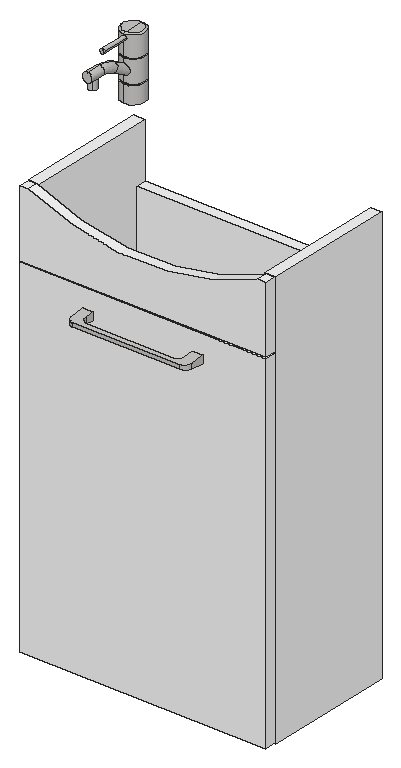
Revit family "42330 - Ifö Spira furniture pack 400 L", category Generic Models, Revit 2015
Parameters (values of type "42330 - Ifö Spira furniture pack 400 L")
  ifcExportType = "WASHHANDBASIN"
  ifcExportAs = "ifcSanitaryTerminalType"
  Width = 415.00 mm  # constant formula
  WarrantyStartDate = "n/a"
  WarrantyGuarantorParts = "n/a"
  WarrantyGuarantorLabor = "n/a"
  WarrantyDurationUnit = "n/a"
  WarrantyDurationParts = "n/a"
  WarrantyDurationLabor = "n/a"
  WarrantyDescription = "n/a"
  URL.se = "http://www.ifo.se/produkter/mobler/"
  URL.no = "http://www.ifosanitar.no/produkter/baderomsmbler/"
  URL.dk = "http://www.ifo.dk/produkter/badevrelsesmbler/"
  URL = "n/a"
  Type Comments = "n/a"
  Type = "Building element"
  TagNumber = "n/a"
  SustainabilityPerformance = "n/a"
  SupplyPipeDiameter = 10.00 mm
  Size = "415x700x310"
  Shape = "Square"
  Serie = "Spira"
  SerialNumber = "n/a"
  ReturnPipeDiameter = 32.00 mm
  ReplacementCost = "n/a"
  Panel = White
  NominalWidth = 415.00 mm
  NominalHeight = 700.00 mm
  NominalDepth = 310.00 mm
  Name = "Ifö Spira furniture pack L 40 cm"
  MountingHeight(offset) = 850.00 mm
  ModelReference = "Spira"
  ModelNumber = "42330"
  Model = "Ifö Spira furniture pack 400 L"
  Mixernotincluded(option) = yes
  Material = "MDF Chipboard, Porcelain"
  Manufacturer = "Geberit"
  Keynote = "n/a"
  InstallationDate = "n/a"
  Height = 700.00 mm  # constant formula
  Handle = Metal-Steel
  Grade = "n/a"
  Fittings = Metal-Steel
  Finish = "n/a"
  Features = "feature1, feature2, feature49"
  ExpectedLife = "n/a"
  DurationUnit = "n/a"
  DrainSize = 0.00 mm
  Description = "Ifö Spira furniture pack L 40 cm"
  Depth = 310.00 mm  # constant formula
  Constituents = "n/a"
  ConnectorIn_VDistance = 0.00 mm
  ConnectorIn_HDistance = 120.00 mm
  Color = "White"
  CodePerformance = "n/a"
  Category = "WashHandBasin"
  CabinetMaterial = "MDF Chipboard"
  CE labeling = "n/a"
  Brand = "Ifö"
  BarCode = "n/a"
  BIMObjectName = "42330 - Ifö Spira furniture pack 400 L"
  AssetType = "n/a"
  AssetIdentifier = "n/a"
  AccessibilityPerformance = "n/a"
Reference planes
  plane 1 "Center (Front/Back)": y = 0
  plane 2: z = 0
  plane 3 "Center (Left/Right)": x = 0
  plane 4: z = 850
  plane 5: z = 684.722
  plane 6 "Drain": z = 721.04
  plane 7: x = -120
  plane 8: x = 120
  plane 9: y = -148.025
  plane 10: z = 721.04
Forms (mm)
  Extrusion 1, solid, material "White" <- "Panel"
    sketch origin (0, 0, 159.722) x (1, 0, 0) y (0, 1, 0)
      loop
        line (-185, 0) -> (-185, -198) -> (-169, -198) -> (-169, 0) -> (-185, 0)
    from 0 to 625
  Extrusion 2, solid, material "White" <- "Panel"
    sketch origin (0, 0, 159.722) x (1, 0, 0) y (0, 1, 0)
      loop
        line (169, 0) -> (169, -198) -> (185, -198) -> (185, 0) -> (169, 0)
    from 0 to 625
  Extrusion 3, solid, material "White" <- "Panel"
    sketch origin (0, 0, 159.722) x (1, 0, 0) y (0, 1, 0)
      loop
        line (-169, -1) -> (-169, -17) -> (169, -17) -> (169, -1) -> (-169, -1)
    from 443 to 543
  Extrusion 4, solid, material "White" <- "Panel"
    sketch origin (0, 0, 159.722) x (1, 0, 0) y (0, 1, 0)
      loop
        line (-184, -199) -> (-184, -215) -> (184, -215) -> (184, -199) -> (-184, -199)
    from 1 to 523
  Extrusion 5, solid, material "White" <- "Panel"
    sketch origin (0, 0, 159.722) x (1, 0, 0) y (0, 1, 0)
      loop
        line (-169, -1) -> (-169, -197) -> (169, -197) -> (169, -1) -> (-169, -1)
    from 1 to 17
  Sweep 6, solid, material "Metal-Steel" <- "Handle"
    path origin (0, -215, 159.722) x (-1, 0, 0) y (0, 0, 1)
      loop
        line (0, 495) -> (0, 483)
    profile origin (0, -215, 648.722) x (0, 1, 0) y (-1, 0, 0)
      loop
        line (0, 89.5) -> (-21, 89.5)
        arc (-21, 89.5) -> (-28.071, 86.571) -> (-31, 79.5) r 10
        line (-31, 79.5) -> (-31, -79.5)
        arc (-31, -79.5) -> (-28.071, -86.571) -> (-21, -89.5) r 10
        line (-21, -89.5) -> (0, -89.5) -> (0, -74.5) -> (-14, -74.5)
        arc (-14, -74.5) -> (-21.071, -71.571) -> (-24, -64.5) r 10
        line (-24, -64.5) -> (-24, 64.5)
        arc (-24, 64.5) -> (-21.071, 71.571) -> (-14, 74.5) r 10
        line (-14, 74.5) -> (0, 74.5) -> (0, 89.5)
  Extrusion 7, void
    sketch origin (0, 0, 159.722) x (0, 1, 0) y (0, 0, 1)
      loop
        line (-215, 497.98) -> (-246.432, 497.98) -> (-246.432, 491.471) -> (-215, 495) -> (-215, 497.98)
      loop
        line (-215, 480.02) -> (-215, 483) -> (-246.432, 486.549) -> (-246.432, 480.02) -> (-215, 480.02)
    from -185 to 185
  Revolve 8, solid, material "Metal-Steel" <- "Fittings"
    sketch origin (-139.997, 6.957, 658.086) x (0, 1, 0) y (0, 0, 1)
      loop
        line (-81.936, 191.684) -> (-64.936, 191.684) -> (-64.936, 286.704) -> (-79.789, 286.704) -> (-81.936, 284.557) -> (-81.936, 254.557) -> (-79.936, 254.557) -> (-79.936, 252.057) -> (-81.936, 252.057) -> (-81.936, 219.557) -> (-79.936, 219.557) -> (-79.936, 217.057) -> (-81.936, 217.057) -> (-81.936, 191.684)
      axis (-64.936, 286.704) -> (-64.936, 191.684)
    angle from 0 to 360
  Sweep 9, solid, material "Metal-Steel" <- "Fittings"
    path origin (45.003, 4.457, 648.086) x (0, 1, 0) y (0, 0, 1)
      loop
        line (-147.967, 265.803) -> (-125.897, 265.803)
        arc (-125.897, 265.803) -> (-113.378, 264.21) -> (-101.657, 259.534) r 50
        line (-101.657, 259.534) -> (-72.443, 243.34)
    profile origin (45.003, -132.475, 913.889) x (0, 0, 1) y (1, 0, 0)
      loop
        circle (0, -185) r 7
  Extrusion 10, solid, material "Metal-Steel" <- "Fittings"
    sketch origin (-139.997, 6.957, 658.086) x (1, 0, 0) y (0, 0, 1)
      loop
        circle (0, 279.191) r 3
    from 74.245 to 123.053
  Extrusion 11, solid, material "Metal-Steel" <- "Fittings"
    sketch origin (34.138, -139.623, 384.77) x (0.601815, -0.798636, 0) y (0.798636, 0.601815, 0)
      loop
        circle (-109.679, -135.391) r 6.014
    from 527.873 to 511.219
  Extrusion 12, solid, material "White" <- "Panel"
    sketch origin (0, -215, 159.722) x (-1, 0, 0) y (0, 0, 1)
      loop
        line (-184, 525) -> (184, 525) -> (184, 625) -> (171.95, 625)
        arc (171.95, 625) -> (0, 586.37) -> (-171.95, 625) r 402.007
        line (-171.95, 625) -> (-184, 625) -> (-184, 525)
    from 0 to 16
  Revolve 13, solid, material "Metal-Steel" <- "Fittings", not visible
    sketch origin (-139.997, 6.957, 498.384) x (0, 1, 0) y (0, 0, 1)
      loop
        line (-81.936, 191.684) -> (-64.936, 191.684) -> (-64.936, 286.704) -> (-79.789, 286.704) -> (-81.936, 284.557) -> (-81.936, 254.557) -> (-79.936, 254.557) -> (-79.936, 252.057) -> (-81.936, 252.057) -> (-81.936, 219.557) -> (-79.936, 219.557) -> (-79.936, 217.057) -> (-81.936, 217.057) -> (-81.936, 191.684)
      axis (-64.936, 286.704) -> (-64.936, 191.684)
    angle from 0 to 360
  Sweep 14, solid, material "Metal-Steel" <- "Fittings", not visible
    path origin (45.003, 4.457, 488.384) x (0, 1, 0) y (0, 0, 1)
      loop
        line (-147.967, 265.803) -> (-125.897, 265.803)
        arc (-125.897, 265.803) -> (-113.378, 264.21) -> (-101.657, 259.534) r 50
        line (-101.657, 259.534) -> (-72.443, 243.34)
    profile origin (45.003, -132.475, 754.187) x (0, 0, 1) y (1, 0, 0)
      loop
        circle (0, -185) r 7
  Extrusion 15, solid, material "Metal-Steel" <- "Fittings", not visible
    sketch origin (-139.997, 6.957, 498.384) x (1, 0, 0) y (0, 0, 1)
      loop
        circle (0, 279.191) r 3
    from 74.245 to 123.053
  Extrusion 16, solid, material "Metal-Steel" <- "Fittings", not visible
    sketch origin (34.138, -139.623, 225.068) x (0.601815, -0.798636, 0) y (0.798636, 0.601815, 0)
      loop
        circle (-109.679, -135.391) r 6.014
    from 527.873 to 511.219
  Extrusion 17, solid, material "White" <- "Panel", not visible
    sketch origin (0, 0, 0) x (1, 0, 0) y (0, 1, 0)
      loop
        line (-185, 0) -> (-185, -198) -> (-169, -198) -> (-169, 0) -> (-185, 0)
    from 0 to 625
  Extrusion 18, solid, material "White" <- "Panel", not visible
    sketch origin (0, 0, 0) x (1, 0, 0) y (0, 1, 0)
      loop
        line (169, 0) -> (169, -198) -> (185, -198) -> (185, 0) -> (169, 0)
    from 0 to 625
  Extrusion 19, solid, material "White" <- "Panel", not visible
    sketch origin (0, 0, 0) x (1, 0, 0) y (0, 1, 0)
      loop
        line (-169, -1) -> (-169, -17) -> (169, -17) -> (169, -1) -> (-169, -1)
    from 443 to 543
  Extrusion 20, solid, material "White" <- "Panel", not visible
    sketch origin (0, 0, 0) x (1, 0, 0) y (0, 1, 0)
      loop
        line (-184, -199) -> (-184, -215) -> (184, -215) -> (184, -199) -> (-184, -199)
    from 1 to 523
  Extrusion 21, solid, material "White" <- "Panel", not visible
    sketch origin (0, 0, 0) x (1, 0, 0) y (0, 1, 0)
      loop
        line (-169, -1) -> (-169, -197) -> (169, -197) -> (169, -1) -> (-169, -1)
    from 1 to 17
  Sweep 22, solid, material "Metal-Steel" <- "Handle", not visible
    path origin (0, -215, 0) x (-1, 0, 0) y (0, 0, 1)
      loop
        line (0, 495) -> (0, 483)
    profile origin (0, -215, 489) x (0, 1, 0) y (-1, 0, 0)
      loop
        line (0, 89.5) -> (-21, 89.5)
        arc (-21, 89.5) -> (-28.071, 86.571) -> (-31, 79.5) r 10
        line (-31, 79.5) -> (-31, -79.5)
        arc (-31, -79.5) -> (-28.071, -86.571) -> (-21, -89.5) r 10
        line (-21, -89.5) -> (0, -89.5) -> (0, -74.5) -> (-14, -74.5)
        arc (-14, -74.5) -> (-21.071, -71.571) -> (-24, -64.5) r 10
        line (-24, -64.5) -> (-24, 64.5)
        arc (-24, 64.5) -> (-21.071, 71.571) -> (-14, 74.5) r 10
        line (-14, 74.5) -> (0, 74.5) -> (0, 89.5)
  Extrusion 23, void, not visible
    sketch origin (0, 0, 0) x (0, 1, 0) y (0, 0, 1)
      loop
        line (-215, 497.98) -> (-246.432, 497.98) -> (-246.432, 491.471) -> (-215, 495) -> (-215, 497.98)
      loop
        line (-215, 480.02) -> (-215, 483) -> (-246.432, 486.549) -> (-246.432, 480.02) -> (-215, 480.02)
    from -185 to 185
  Extrusion 24, solid, material "White" <- "Panel", not visible
    sketch origin (0, -215, 0) x (-1, 0, 0) y (0, 0, 1)
      loop
        line (-184, 525) -> (184, 525) -> (184, 625) -> (171.95, 625)
        arc (171.95, 625) -> (0, 586.37) -> (-171.95, 625) r 402.007
        line (-171.95, 625) -> (-184, 625) -> (-184, 525)
    from 0 to 16
Cuts and joins
  Extrusion 7 cuts Sweep 6
  joined: Revolve 8, Sweep 9, Extrusion 10, Extrusion 11
Lines and regions (mm)
  Masking region 1
    outline origin (0, -153.934, 187.048) x (0, 1, 0) y (0, 0, 1)
      loop
        line (110.808, 757.743) -> (81.102, 757.743) -> (78.955, 755.596) -> (78.955, 753.229) -> (37.838, 753.229) -> (37.838, 747.229) -> (78.955, 747.229) -> (78.955, 725.596) -> (80.955, 725.596) -> (80.955, 723.096) -> (78.955, 723.096) -> (78.955, 716.259) -> (60.288, 726.606)
        arc (60.288, 726.606) -> (46.759, 732.003) -> (32.31, 733.842) r 57.711
        line (32.31, 733.842) -> (10.424, 733.842) -> (10.424, 719.842) -> (14.41, 719.842) -> (14.41, 708.941) -> (26.439, 708.941) -> (26.439, 719.842) -> (32.31, 719.842)
        arc (32.31, 719.842) -> (43.254, 718.449) -> (53.501, 714.361) r 43.711
        line (53.501, 714.361) -> (78.955, 700.252) -> (78.955, 690.596) -> (80.955, 690.596) -> (80.955, 688.096) -> (78.955, 688.096) -> (78.955, 662.846) -> (112.955, 662.846) -> (112.955, 688.096) -> (110.955, 688.096) -> (110.955, 690.596) -> (112.955, 690.596) -> (112.955, 723.096) -> (110.955, 723.096) -> (110.955, 725.596) -> (112.955, 725.596) -> (112.955, 755.596) -> (110.808, 757.743)
  Masking region 2
    outline origin (0, 0, 159.722) x (0, 1, 0) y (0, 0, 1)
      loop
        line (-215, 483) -> (-215, 495) -> (-246.003, 491.5) -> (-246.003, 486.5) -> (-215, 483)
  Masking region 3
    outline origin (0, 0, 159.722) x (0, 1, 0) y (0, 0, 1)
      loop
        line (-215, 523) -> (-215, 1) -> (-199, 1) -> (-199, 523) -> (-215, 523)
  Masking region 4
    outline origin (0, 0, 159.722) x (0, 1, 0) y (0, 0, 1)
      loop
        line (-215, 525) -> (-199, 525) -> (-199, 620.693) -> (-203.875, 620.693)
        arc (-203.875, 620.693) -> (-209.439, 620.643) -> (-215, 620.493) r 309.497
        line (-215, 620.493) -> (-215, 525)
  Masking region 5
    outline origin (0, 0, 159.702) x (0, 1, 0) y (0, 0, 1)
      loop
        line (0, 0) -> (0, 620.713) -> (-198, 620.713) -> (-198, 0) -> (0, 0)
  Masking region 6
    outline origin (0, 0, 159.722) x (-1, 0, 0) y (0, 0, 1)
      loop
        line (-184, 523) -> (-184, 1) -> (184, 1) -> (184, 523) -> (-184, 523)
  Masking region 7
    outline origin (-224.008, -215, 159.81) x (1, 0, 0) y (0, 0, 1)
      loop
        line (67.011, 715.353) -> (67.011, 692.297)
        arc (67.011, 692.297) -> (84.01, 691.5) -> (101.011, 692.244) r 188.092
        line (101.011, 692.244) -> (101.011, 715.353) -> (99.011, 715.353) -> (99.011, 717.853) -> (101.011, 717.853) -> (101.011, 750.353) -> (99.011, 750.353) -> (99.011, 752.853) -> (101.011, 752.853) -> (101.011, 782.853) -> (98.865, 785) -> (69.158, 785) -> (67.011, 782.853) -> (67.011, 752.853) -> (69.011, 752.853) -> (69.011, 750.353) -> (67.011, 750.353) -> (67.011, 717.853) -> (69.011, 717.853) -> (69.011, 715.353) -> (67.011, 715.353)
  Masking region 8
    outline origin (0, 0, 0) x (1, 0, 0) y (0, 1, 0)
      loop
        arc (-181.336, 0) -> (-186.546, -0.136) -> (-191.742, -0.545) r 99.556
        line (-191.742, -0.545) -> (-195.678, -1.31)
        arc (-195.678, -1.31) -> (-198.903, -2.391) -> (-201.736, -4.272) r 12.981
        arc (-201.736, -4.272) -> (-203.234, -5.839) -> (-204.427, -7.65) r 12.025
        arc (-204.427, -7.65) -> (-205.455, -10.002) -> (-206.093, -12.489) r 16.004
        arc (-206.093, -12.489) -> (-206.656, -16.121) -> (-207.093, -19.771) r 106.18
        arc (-207.093, -19.771) -> (-207.347, -22.952) -> (-207.459, -26.141) r 72.063
        arc (-207.459, -26.141) -> (-207.525, -28.908) -> (-207.579, -31.675) r 631.503
        arc (-207.579, -31.675) -> (-207.73, -37.245) -> (-207.737, -42.818) r 215.884
        arc (-207.737, -42.818) -> (-207.729, -47.003) -> (-207.598, -51.187) r 142.671
        arc (-207.598, -51.187) -> (-207.392, -56.756) -> (-207.285, -62.328) r 313.118
        arc (-207.285, -62.328) -> (-205.184, -165.449) -> (-200.97, -268.505) r 5117.151
        arc (-200.97, -268.505) -> (-199.992, -275.439) -> (-197.919, -282.128) r 43.678
        arc (-197.919, -282.128) -> (-196.227, -285.646) -> (-194.076, -288.906) r 28.953
        arc (-194.076, -288.906) -> (-188.897, -294.157) -> (-182.559, -297.929) r 28.953
        arc (-182.559, -297.929) -> (-169.187, -302.678) -> (-155.294, -305.571) r 104.514
        arc (-155.294, -305.571) -> (-139.143, -307.749) -> (-122.977, -309.816) r 2396.538
        arc (-122.977, -309.816) -> (-109.368, -311.39) -> (-95.733, -312.726) r 787.44
        arc (-95.733, -312.726) -> (-81.421, -313.989) -> (-67.107, -315.223) r 7122.39
        arc (-67.107, -315.223) -> (-49.591, -316.161) -> (-32.06, -316.761) r 907.098
        arc (-32.06, -316.761) -> (-23.846, -316.938) -> (-15.631, -317.064) r 1348.034
        arc (-15.631, -317.064) -> (0, -317.195) -> (15.631, -317.064) r 932.702
        arc (15.631, -317.064) -> (23.846, -316.938) -> (32.06, -316.761) r 1348.034
        arc (32.06, -316.761) -> (49.591, -316.161) -> (67.107, -315.223) r 907.098
        arc (67.107, -315.223) -> (81.421, -313.989) -> (95.733, -312.726) r 7122.39
        arc (95.733, -312.726) -> (109.368, -311.39) -> (122.977, -309.816) r 787.44
        arc (122.977, -309.816) -> (139.143, -307.749) -> (155.294, -305.571) r 2396.538
        arc (155.294, -305.571) -> (169.187, -302.678) -> (182.559, -297.929) r 104.514
        arc (182.559, -297.929) -> (188.897, -294.157) -> (194.076, -288.906) r 28.953
        arc (194.076, -288.906) -> (196.227, -285.646) -> (197.919, -282.128) r 28.953
        arc (197.919, -282.128) -> (199.992, -275.439) -> (201.004, -268.507) r 43.678
        arc (201.004, -268.507) -> (205.184, -165.449) -> (207.285, -62.328) r 5117.151
        arc (207.285, -62.328) -> (207.392, -56.756) -> (207.598, -51.187) r 313.118
        arc (207.598, -51.187) -> (207.729, -47.003) -> (207.737, -42.818) r 142.671
        arc (207.737, -42.818) -> (207.73, -37.245) -> (207.579, -31.675) r 215.884
        arc (207.579, -31.675) -> (207.525, -28.908) -> (207.459, -26.141) r 631.503
        arc (207.459, -26.141) -> (207.347, -22.952) -> (207.093, -19.771) r 72.063
        arc (207.093, -19.771) -> (206.656, -16.121) -> (206.093, -12.489) r 106.18
        arc (206.093, -12.489) -> (205.455, -10.002) -> (204.427, -7.65) r 16.004
        arc (204.427, -7.65) -> (203.234, -5.839) -> (201.736, -4.272) r 12.025
        arc (201.736, -4.272) -> (198.903, -2.391) -> (195.678, -1.31) r 12.981
        line (195.678, -1.31) -> (191.742, -0.545)
        arc (191.742, -0.545) -> (186.546, -0.136) -> (181.336, 0) r 99.556
        line (181.336, 0) -> (-181.336, 0)
  Masking region 9
    outline origin (0, 0, 159.702) x (0, 1, 0) y (0, 0, 1)
      loop
        arc (-215, 620.513) -> (-209.439, 620.663) -> (-203.875, 620.713) r 309.497
        line (-203.875, 620.713) -> (-2.064, 620.713)
        arc (-2.064, 620.713) -> (-1.293, 622.182) -> (-0.723, 623.74) r 12.484
        arc (-0.723, 623.74) -> (-0.568, 624.365) -> (-0.463, 625) r 7.979
        arc (-0.463, 625) -> (-0.131, 628.57) -> (-0.011, 632.153) r 60.304
        arc (-0.011, 632.153) -> (-0.003, 635.247) -> (0, 638.34) r 1690.99
        line (0, 638.34) -> (0, 683.9)
        arc (0, 683.9) -> (-0.076, 689.25) -> (-0.305, 694.596) r 187.785
        arc (-0.305, 694.596) -> (-0.451, 695.943) -> (-0.734, 697.268) r 13.258
        arc (-0.734, 697.268) -> (-1.079, 698.192) -> (-1.595, 699.033) r 5.14
        arc (-1.595, 699.033) -> (-2.018, 699.483) -> (-2.528, 699.83) r 2.835
        arc (-2.528, 699.83) -> (-3.143, 700.128) -> (-3.78, 700.377) r 8.92
        arc (-3.78, 700.377) -> (-4.422, 700.547) -> (-5.083, 700.616) r 4.316
        arc (-5.083, 700.616) -> (-5.709, 700.626) -> (-6.335, 700.619) r 25.384
        arc (-6.335, 700.619) -> (-6.984, 700.561) -> (-7.618, 700.415) r 4.796
        arc (-7.618, 700.415) -> (-8.183, 700.231) -> (-8.741, 700.024) r 14.357
        arc (-8.741, 700.024) -> (-9.361, 699.762) -> (-9.969, 699.471) r 14.357
        arc (-9.969, 699.471) -> (-10.689, 699.118) -> (-11.42, 698.786) r 27.064
        arc (-11.42, 698.786) -> (-11.935, 698.552) -> (-12.443, 698.303) r 18.839
        line (-12.443, 698.303) -> (-22.583, 695.433) -> (-25.641, 694.968) -> (-36.813, 693.944) -> (-40.979, 693.708) -> (-40.979, 690.192) -> (-74.979, 690.192) -> (-74.979, 691.968) -> (-76.441, 691.891)
        arc (-76.441, 691.891) -> (-81.148, 691.652) -> (-85.854, 691.426) r 1591.685
        arc (-85.854, 691.426) -> (-89.665, 691.164) -> (-93.46, 690.734) r 86.164
        arc (-93.46, 690.734) -> (-94.673, 690.595) -> (-95.891, 690.507) r 29.052
        arc (-95.891, 690.507) -> (-106.191, 690.192) -> (-116.495, 690.298) r 252.148
        line (-116.495, 690.298) -> (-308.998, 690.298)
        arc (-308.998, 690.298) -> (-310.616, 690.281) -> (-312.233, 690.23) r 77.484
        arc (-312.233, 690.23) -> (-312.777, 690.19) -> (-313.318, 690.116) r 8.7
        arc (-313.318, 690.116) -> (-314.037, 689.935) -> (-314.719, 689.644) r 4.696
        arc (-314.719, 689.644) -> (-315.324, 689.289) -> (-315.894, 688.881) r 7.569
        arc (-315.894, 688.881) -> (-316.198, 688.597) -> (-316.453, 688.269) r 2.58
        arc (-316.453, 688.269) -> (-316.742, 687.753) -> (-316.955, 687.201) r 4.22
        arc (-316.955, 687.201) -> (-317.148, 686.321) -> (-317.195, 685.421) r 5.465
        arc (-317.195, 685.421) -> (-317.193, 684.239) -> (-317.175, 683.058) r 83.348
        arc (-317.175, 683.058) -> (-317.106, 681.718) -> (-316.961, 680.385) r 23.594
        arc (-316.961, 680.385) -> (-316.798, 679.162) -> (-316.643, 677.938) r 174.145
        arc (-316.643, 677.938) -> (-316.29, 675.708) -> (-315.78, 673.509) r 32.136
        arc (-315.78, 673.509) -> (-315.124, 671.139) -> (-314.432, 668.779) r 164.305
        arc (-314.432, 668.779) -> (-312.315, 662.496) -> (-309.799, 656.362) r 102.99
        arc (-309.799, 656.362) -> (-308.807, 654.029) -> (-307.759, 651.721) r 106.934
        arc (-307.759, 651.721) -> (-306.377, 648.776) -> (-304.887, 645.884) r 88.074
        arc (-304.887, 645.884) -> (-303.889, 644.022) -> (-302.899, 642.156) r 509.526
        arc (-302.899, 642.156) -> (-301.659, 640.259) -> (-300.425, 638.358) r 629.384
        arc (-300.425, 638.358) -> (-296.352, 632.492) -> (-291.902, 626.906) r 108.474
        arc (-291.902, 626.906) -> (-287.571, 621.783) -> (-282.782, 617.086) r 71.906
        arc (-282.782, 617.086) -> (-279.656, 614.275) -> (-276.55, 611.441) r 593.245
        arc (-276.55, 611.441) -> (-273.686, 608.954) -> (-270.688, 606.632) r 67.489
        arc (-270.688, 606.632) -> (-267.418, 604.186) -> (-264.207, 601.665) r 176.092
        arc (-264.207, 601.665) -> (-260.062, 598.502) -> (-255.762, 595.552) r 103.144
        arc (-255.762, 595.552) -> (-251.814, 592.894) -> (-247.955, 590.107) r 144.464
        arc (-247.955, 590.107) -> (-246.38, 589.008) -> (-244.737, 588.014) r 29.404
        arc (-244.737, 588.014) -> (-242.383, 586.572) -> (-240.147, 584.954) r 36
        arc (-240.147, 584.954) -> (-239.077, 584.175) -> (-237.955, 583.474) r 18.656
        arc (-237.955, 583.474) -> (-226.37, 576.562) -> (-215, 569.301) r 444.678
        line (-215, 569.301) -> (-215, 620.513)
  Masking region 10
    outline origin (0, 0, 159.722) x (-1, 0, 0) y (0, 0, 1)
      loop
        line (185, 0) -> (185, 615.237)
        arc (185, 615.237) -> (184.5, 615.077) -> (184, 614.917) r 692.909
        line (184, 614.917) -> (184, 525) -> (-184, 525) -> (-184, 614.917)
        arc (-184, 614.917) -> (-184.5, 615.077) -> (-185, 615.237) r 692.909
        line (-185, 615.237) -> (-185, 0) -> (-169, 0) -> (-169, 1) -> (-184, 1) -> (-184, 523) -> (184, 523) -> (184, 1) -> (169, 1) -> (169, 0) -> (185, 0)
  Masking region 11, not visible
    outline origin (0, -153.934, 27.346) x (0, 1, 0) y (0, 0, 1)
      loop
        line (110.808, 757.743) -> (81.102, 757.743) -> (78.955, 755.596) -> (78.955, 753.229) -> (37.838, 753.229) -> (37.838, 747.229) -> (78.955, 747.229) -> (78.955, 725.596) -> (80.955, 725.596) -> (80.955, 723.096) -> (78.955, 723.096) -> (78.955, 716.259) -> (60.288, 726.606)
        arc (60.288, 726.606) -> (46.759, 732.003) -> (32.31, 733.842) r 57.711
        line (32.31, 733.842) -> (10.424, 733.842) -> (10.424, 719.842) -> (14.41, 719.842) -> (14.41, 708.941) -> (26.439, 708.941) -> (26.439, 719.842) -> (32.31, 719.842)
        arc (32.31, 719.842) -> (43.254, 718.449) -> (53.501, 714.361) r 43.711
        line (53.501, 714.361) -> (78.955, 700.252) -> (78.955, 690.596) -> (80.955, 690.596) -> (80.955, 688.096) -> (78.955, 688.096) -> (78.955, 662.846) -> (112.955, 662.846) -> (112.955, 688.096) -> (110.955, 688.096) -> (110.955, 690.596) -> (112.955, 690.596) -> (112.955, 723.096) -> (110.955, 723.096) -> (110.955, 725.596) -> (112.955, 725.596) -> (112.955, 755.596) -> (110.808, 757.743)
  Masking region 12, not visible
    outline origin (0, 0, 0.02) x (0, 1, 0) y (0, 0, 1)
      loop
        line (-215, 483) -> (-215, 495) -> (-246.003, 491.5) -> (-246.003, 486.5) -> (-215, 483)
  Masking region 13, not visible
    outline origin (0, 0, 0.02) x (0, 1, 0) y (0, 0, 1)
      loop
        line (-215, 523) -> (-215, 1) -> (-199, 1) -> (-199, 523) -> (-215, 523)
  Masking region 14, not visible
    outline origin (0, 0, 0.02) x (0, 1, 0) y (0, 0, 1)
      loop
        line (-215, 525) -> (-199, 525) -> (-199, 620.693) -> (-203.875, 620.693)
        arc (-203.875, 620.693) -> (-209.439, 620.643) -> (-215, 620.493) r 309.497
        line (-215, 620.493) -> (-215, 525)
  Masking region 15, not visible
    outline origin (0, 0, 0) x (0, 1, 0) y (0, 0, 1)
      loop
        line (0, 0) -> (0, 620.713) -> (-198, 620.713) -> (-198, 0) -> (0, 0)
  Masking region 16, not visible
    outline origin (0, 0, 0) x (0, 1, 0) y (0, 0, 1)
      loop
        arc (-215, 620.513) -> (-209.439, 620.663) -> (-203.875, 620.713) r 309.497
        line (-203.875, 620.713) -> (-2.064, 620.713)
        arc (-2.064, 620.713) -> (-1.293, 622.182) -> (-0.723, 623.74) r 12.484
        arc (-0.723, 623.74) -> (-0.568, 624.365) -> (-0.463, 625) r 7.979
        arc (-0.463, 625) -> (-0.131, 628.57) -> (-0.011, 632.153) r 60.304
        arc (-0.011, 632.153) -> (-0.003, 635.247) -> (0, 638.34) r 1690.99
        line (0, 638.34) -> (0, 683.9)
        arc (0, 683.9) -> (-0.076, 689.25) -> (-0.305, 694.596) r 187.785
        arc (-0.305, 694.596) -> (-0.451, 695.943) -> (-0.734, 697.268) r 13.258
        arc (-0.734, 697.268) -> (-1.079, 698.192) -> (-1.595, 699.033) r 5.14
        arc (-1.595, 699.033) -> (-2.018, 699.483) -> (-2.528, 699.83) r 2.835
        arc (-2.528, 699.83) -> (-3.143, 700.128) -> (-3.78, 700.377) r 8.92
        arc (-3.78, 700.377) -> (-4.422, 700.547) -> (-5.083, 700.616) r 4.316
        arc (-5.083, 700.616) -> (-5.709, 700.626) -> (-6.335, 700.619) r 25.384
        arc (-6.335, 700.619) -> (-6.984, 700.561) -> (-7.618, 700.415) r 4.796
        arc (-7.618, 700.415) -> (-8.183, 700.231) -> (-8.741, 700.024) r 14.357
        arc (-8.741, 700.024) -> (-9.361, 699.762) -> (-9.969, 699.471) r 14.357
        arc (-9.969, 699.471) -> (-10.689, 699.118) -> (-11.42, 698.786) r 27.064
        arc (-11.42, 698.786) -> (-11.935, 698.552) -> (-12.443, 698.303) r 18.839
        line (-12.443, 698.303) -> (-22.583, 695.433) -> (-25.641, 694.968) -> (-36.813, 693.944) -> (-40.979, 693.708) -> (-40.979, 690.192) -> (-74.979, 690.192) -> (-74.979, 691.968) -> (-76.441, 691.891)
        arc (-76.441, 691.891) -> (-81.148, 691.652) -> (-85.854, 691.426) r 1591.685
        arc (-85.854, 691.426) -> (-89.665, 691.164) -> (-93.46, 690.734) r 86.164
        arc (-93.46, 690.734) -> (-94.673, 690.595) -> (-95.891, 690.507) r 29.052
        arc (-95.891, 690.507) -> (-106.191, 690.192) -> (-116.495, 690.298) r 252.148
        line (-116.495, 690.298) -> (-308.998, 690.298)
        arc (-308.998, 690.298) -> (-310.616, 690.281) -> (-312.233, 690.23) r 77.484
        arc (-312.233, 690.23) -> (-312.777, 690.19) -> (-313.318, 690.116) r 8.7
        arc (-313.318, 690.116) -> (-314.037, 689.935) -> (-314.719, 689.644) r 4.696
        arc (-314.719, 689.644) -> (-315.324, 689.289) -> (-315.894, 688.881) r 7.569
        arc (-315.894, 688.881) -> (-316.198, 688.597) -> (-316.453, 688.269) r 2.58
        arc (-316.453, 688.269) -> (-316.742, 687.753) -> (-316.955, 687.201) r 4.22
        arc (-316.955, 687.201) -> (-317.148, 686.321) -> (-317.195, 685.421) r 5.465
        arc (-317.195, 685.421) -> (-317.193, 684.239) -> (-317.175, 683.058) r 83.348
        arc (-317.175, 683.058) -> (-317.106, 681.718) -> (-316.961, 680.385) r 23.594
        arc (-316.961, 680.385) -> (-316.798, 679.162) -> (-316.643, 677.938) r 174.145
        arc (-316.643, 677.938) -> (-316.29, 675.708) -> (-315.78, 673.509) r 32.136
        arc (-315.78, 673.509) -> (-315.124, 671.139) -> (-314.432, 668.779) r 164.305
        arc (-314.432, 668.779) -> (-312.315, 662.496) -> (-309.799, 656.362) r 102.99
        arc (-309.799, 656.362) -> (-308.807, 654.029) -> (-307.759, 651.721) r 106.934
        arc (-307.759, 651.721) -> (-306.377, 648.776) -> (-304.887, 645.884) r 88.074
        arc (-304.887, 645.884) -> (-303.889, 644.022) -> (-302.899, 642.156) r 509.526
        arc (-302.899, 642.156) -> (-301.659, 640.259) -> (-300.425, 638.358) r 629.384
        arc (-300.425, 638.358) -> (-296.352, 632.492) -> (-291.902, 626.906) r 108.474
        arc (-291.902, 626.906) -> (-287.571, 621.783) -> (-282.782, 617.086) r 71.906
        arc (-282.782, 617.086) -> (-279.656, 614.275) -> (-276.55, 611.441) r 593.245
        arc (-276.55, 611.441) -> (-273.686, 608.954) -> (-270.688, 606.632) r 67.489
        arc (-270.688, 606.632) -> (-267.418, 604.186) -> (-264.207, 601.665) r 176.092
        arc (-264.207, 601.665) -> (-260.062, 598.502) -> (-255.762, 595.552) r 103.144
        arc (-255.762, 595.552) -> (-251.814, 592.894) -> (-247.955, 590.107) r 144.464
        arc (-247.955, 590.107) -> (-246.38, 589.008) -> (-244.737, 588.014) r 29.404
        arc (-244.737, 588.014) -> (-242.383, 586.572) -> (-240.147, 584.954) r 36
        arc (-240.147, 584.954) -> (-239.077, 584.175) -> (-237.955, 583.474) r 18.656
        arc (-237.955, 583.474) -> (-226.37, 576.562) -> (-215, 569.301) r 444.678
        line (-215, 569.301) -> (-215, 620.513)
  Masking region 17, not visible
    outline origin (0, 0, 0) x (-1, 0, 0) y (0, 0, 1)
      loop
        line (-184, 523) -> (-184, 1) -> (184, 1) -> (184, 523) -> (-184, 523)
  Masking region 18, not visible
    outline origin (-224.008, -215, 0.088) x (1, 0, 0) y (0, 0, 1)
      loop
        line (67.011, 715.353) -> (67.011, 692.297)
        arc (67.011, 692.297) -> (84.01, 691.5) -> (101.011, 692.244) r 188.092
        line (101.011, 692.244) -> (101.011, 715.353) -> (99.011, 715.353) -> (99.011, 717.853) -> (101.011, 717.853) -> (101.011, 750.353) -> (99.011, 750.353) -> (99.011, 752.853) -> (101.011, 752.853) -> (101.011, 782.853) -> (98.865, 785) -> (69.158, 785) -> (67.011, 782.853) -> (67.011, 752.853) -> (69.011, 752.853) -> (69.011, 750.353) -> (67.011, 750.353) -> (67.011, 717.853) -> (69.011, 717.853) -> (69.011, 715.353) -> (67.011, 715.353)
  Masking region 19, not visible
    outline origin (0, 0, 0) x (-1, 0, 0) y (0, 0, 1)
      loop
        line (185, 0) -> (185, 615.237)
        arc (185, 615.237) -> (184.5, 615.077) -> (184, 614.917) r 692.909
        line (184, 614.917) -> (184, 525) -> (-184, 525) -> (-184, 614.917)
        arc (-184, 614.917) -> (-184.5, 615.077) -> (-185, 615.237) r 692.909
        line (-185, 615.237) -> (-185, 0) -> (-169, 0) -> (-169, 1) -> (-184, 1) -> (-184, 523) -> (184, 523) -> (184, 1) -> (169, 1) -> (169, 0) -> (185, 0)
  Masking region 20
    outline origin (0, 0, 159.722) x (-1, 0, 0) y (0, 0, 1)
      loop
        line (185, 615.237) -> (188.557, 616.441)
        arc (188.557, 616.441) -> (190.627, 617.19) -> (192.664, 618.023) r 53.278
        arc (192.664, 618.023) -> (193.832, 618.594) -> (194.942, 619.269) r 14.18
        line (194.942, 619.269) -> (197.104, 620.724) -> (200.483, 620.724)
        arc (200.483, 620.724) -> (201.64, 621.454) -> (202.754, 622.249) r 23.717
        arc (202.754, 622.249) -> (203.455, 622.896) -> (204.021, 623.665) r 4.983
        arc (204.021, 623.665) -> (205.073, 625.883) -> (205.686, 628.26) r 12.915
        arc (205.686, 628.26) -> (205.976, 630.72) -> (206.066, 633.195) r 30.678
        line (206.066, 633.195) -> (206.066, 637.707)
        arc (206.066, 637.707) -> (206.143, 643.855) -> (206.376, 649.999) r 243.368
        arc (206.376, 649.999) -> (206.652, 656.059) -> (206.867, 662.122) r 603.25
        arc (206.867, 662.122) -> (207.246, 673.519) -> (207.689, 684.913) r 2032.39
        arc (207.689, 684.913) -> (207.753, 686.917) -> (207.743, 688.921) r 54.03
        arc (207.743, 688.921) -> (207.672, 689.37) -> (207.485, 689.784) r 1.703
        arc (207.485, 689.784) -> (207.289, 690.144) -> (207.138, 690.525) r 3.367
        arc (207.138, 690.525) -> (206.582, 691.933) -> (205.856, 693.261) r 12.267
        arc (205.856, 693.261) -> (205.454, 693.824) -> (204.99, 694.336) r 5.941
        arc (204.99, 694.336) -> (204.383, 694.857) -> (203.711, 695.291) r 5.941
        arc (203.711, 695.291) -> (202.139, 696.032) -> (200.482, 696.556) r 13.052
        arc (200.482, 696.556) -> (197.89, 697.118) -> (195.271, 697.538) r 49.159
        arc (195.271, 697.538) -> (190.164, 698.075) -> (185.036, 698.331) r 93.498
        arc (185.036, 698.331) -> (178.383, 698.506) -> (171.732, 698.73) r 882.529
        arc (171.732, 698.73) -> (164.365, 698.989) -> (156.997, 699.214) r 1580.484
        line (156.997, 699.214) -> (156.997, 692.385)
        arc (156.997, 692.385) -> (139.998, 691.588) -> (122.997, 692.331) r 188.092
        line (122.997, 692.331) -> (122.997, 699.806)
        arc (122.997, 699.806) -> (120.494, 699.821) -> (117.991, 699.831) r 1580.484
        arc (117.991, 699.831) -> (85.898, 700.02) -> (53.807, 700.363) r 6689.418
        arc (53.807, 700.363) -> (26.904, 700.627) -> (0, 700.715) r 4113.311
        arc (0, 700.715) -> (-26.904, 700.627) -> (-53.807, 700.363) r 4113.311
        arc (-53.807, 700.363) -> (-85.898, 700.02) -> (-117.991, 699.831) r 6689.418
        arc (-117.991, 699.831) -> (-120.494, 699.821) -> (-122.997, 699.806) r 1580.484
        arc (-122.997, 699.806) -> (-139.998, 699.602) -> (-156.997, 699.214) r 1580.484
        arc (-156.997, 699.214) -> (-164.365, 698.989) -> (-171.732, 698.73) r 1580.484
        arc (-171.732, 698.73) -> (-178.383, 698.506) -> (-185.036, 698.331) r 882.529
        arc (-185.036, 698.331) -> (-190.164, 698.075) -> (-195.271, 697.538) r 93.498
        arc (-195.271, 697.538) -> (-197.89, 697.118) -> (-200.482, 696.556) r 49.159
        arc (-200.482, 696.556) -> (-202.139, 696.032) -> (-203.711, 695.291) r 13.052
        arc (-203.711, 695.291) -> (-204.383, 694.857) -> (-204.99, 694.336) r 5.941
        arc (-204.99, 694.336) -> (-205.454, 693.824) -> (-205.856, 693.261) r 5.941
        arc (-205.856, 693.261) -> (-206.582, 691.933) -> (-207.138, 690.525) r 12.267
        arc (-207.138, 690.525) -> (-207.289, 690.144) -> (-207.485, 689.784) r 3.367
        arc (-207.485, 689.784) -> (-207.672, 689.37) -> (-207.743, 688.921) r 1.703
        arc (-207.743, 688.921) -> (-207.753, 686.917) -> (-207.689, 684.913) r 54.03
        arc (-207.689, 684.913) -> (-207.246, 673.519) -> (-206.867, 662.122) r 2032.39
        arc (-206.867, 662.122) -> (-206.652, 656.059) -> (-206.376, 649.999) r 603.25
        arc (-206.376, 649.999) -> (-206.143, 643.855) -> (-206.066, 637.707) r 243.368
        line (-206.066, 637.707) -> (-206.066, 633.195)
        arc (-206.066, 633.195) -> (-205.976, 630.72) -> (-205.686, 628.26) r 30.678
        arc (-205.686, 628.26) -> (-205.073, 625.883) -> (-204.021, 623.665) r 12.915
        arc (-204.021, 623.665) -> (-203.455, 622.896) -> (-202.754, 622.249) r 4.983
        arc (-202.754, 622.249) -> (-201.64, 621.454) -> (-200.483, 620.724) r 23.717
        line (-200.483, 620.724) -> (-197.104, 620.724) -> (-194.942, 619.269)
        arc (-194.942, 619.269) -> (-193.832, 618.594) -> (-192.664, 618.023) r 14.18
        arc (-192.664, 618.023) -> (-190.627, 617.19) -> (-188.557, 616.441) r 53.278
        line (-188.557, 616.441) -> (-185, 615.237)
        arc (-185, 615.237) -> (-184.5, 615.077) -> (-184, 614.917) r 692.909
        line (-184, 614.917) -> (-184, 525) -> (184, 525) -> (184, 614.917)
        arc (184, 614.917) -> (184.5, 615.077) -> (185, 615.237) r 692.909
  Masking region 21, not visible
    outline origin (0, 0, 0) x (-1, 0, 0) y (0, 0, 1)
      loop
        line (185, 615.237) -> (188.557, 616.441)
        arc (188.557, 616.441) -> (190.627, 617.19) -> (192.664, 618.023) r 53.278
        arc (192.664, 618.023) -> (193.832, 618.594) -> (194.942, 619.269) r 14.18
        line (194.942, 619.269) -> (197.104, 620.724) -> (200.483, 620.724)
        arc (200.483, 620.724) -> (201.64, 621.454) -> (202.754, 622.249) r 23.717
        arc (202.754, 622.249) -> (203.455, 622.896) -> (204.021, 623.665) r 4.983
        arc (204.021, 623.665) -> (205.073, 625.883) -> (205.686, 628.26) r 12.915
        arc (205.686, 628.26) -> (205.976, 630.72) -> (206.066, 633.195) r 30.678
        line (206.066, 633.195) -> (206.066, 637.707)
        arc (206.066, 637.707) -> (206.143, 643.855) -> (206.376, 649.999) r 243.368
        arc (206.376, 649.999) -> (206.652, 656.059) -> (206.867, 662.122) r 603.25
        arc (206.867, 662.122) -> (207.246, 673.519) -> (207.689, 684.913) r 2032.39
        arc (207.689, 684.913) -> (207.753, 686.917) -> (207.743, 688.921) r 54.03
        arc (207.743, 688.921) -> (207.672, 689.37) -> (207.485, 689.784) r 1.703
        arc (207.485, 689.784) -> (207.289, 690.144) -> (207.138, 690.525) r 3.367
        arc (207.138, 690.525) -> (206.582, 691.933) -> (205.856, 693.261) r 12.267
        arc (205.856, 693.261) -> (205.454, 693.824) -> (204.99, 694.336) r 5.941
        arc (204.99, 694.336) -> (204.383, 694.857) -> (203.711, 695.291) r 5.941
        arc (203.711, 695.291) -> (202.139, 696.032) -> (200.482, 696.556) r 13.052
        arc (200.482, 696.556) -> (197.89, 697.118) -> (195.271, 697.538) r 49.159
        arc (195.271, 697.538) -> (190.164, 698.075) -> (185.036, 698.331) r 93.498
        arc (185.036, 698.331) -> (178.383, 698.506) -> (171.732, 698.73) r 882.529
        arc (171.732, 698.73) -> (164.365, 698.989) -> (156.997, 699.214) r 1580.484
        line (156.997, 699.214) -> (156.997, 692.385)
        arc (156.997, 692.385) -> (139.998, 691.588) -> (122.997, 692.331) r 188.092
        line (122.997, 692.331) -> (122.997, 699.806)
        arc (122.997, 699.806) -> (120.494, 699.821) -> (117.991, 699.831) r 1580.484
        arc (117.991, 699.831) -> (85.898, 700.02) -> (53.807, 700.363) r 6689.418
        arc (53.807, 700.363) -> (26.904, 700.627) -> (0, 700.715) r 4113.311
        arc (0, 700.715) -> (-26.904, 700.627) -> (-53.807, 700.363) r 4113.311
        arc (-53.807, 700.363) -> (-85.898, 700.02) -> (-117.991, 699.831) r 6689.418
        arc (-117.991, 699.831) -> (-120.494, 699.821) -> (-122.997, 699.806) r 1580.484
        arc (-122.997, 699.806) -> (-139.998, 699.602) -> (-156.997, 699.214) r 1580.484
        arc (-156.997, 699.214) -> (-164.365, 698.989) -> (-171.732, 698.73) r 1580.484
        arc (-171.732, 698.73) -> (-178.383, 698.506) -> (-185.036, 698.331) r 882.529
        arc (-185.036, 698.331) -> (-190.164, 698.075) -> (-195.271, 697.538) r 93.498
        arc (-195.271, 697.538) -> (-197.89, 697.118) -> (-200.482, 696.556) r 49.159
        arc (-200.482, 696.556) -> (-202.139, 696.032) -> (-203.711, 695.291) r 13.052
        arc (-203.711, 695.291) -> (-204.383, 694.857) -> (-204.99, 694.336) r 5.941
        arc (-204.99, 694.336) -> (-205.454, 693.824) -> (-205.856, 693.261) r 5.941
        arc (-205.856, 693.261) -> (-206.582, 691.933) -> (-207.138, 690.525) r 12.267
        arc (-207.138, 690.525) -> (-207.289, 690.144) -> (-207.485, 689.784) r 3.367
        arc (-207.485, 689.784) -> (-207.672, 689.37) -> (-207.743, 688.921) r 1.703
        arc (-207.743, 688.921) -> (-207.753, 686.917) -> (-207.689, 684.913) r 54.03
        arc (-207.689, 684.913) -> (-207.246, 673.519) -> (-206.867, 662.122) r 2032.39
        arc (-206.867, 662.122) -> (-206.652, 656.059) -> (-206.376, 649.999) r 603.25
        arc (-206.376, 649.999) -> (-206.143, 643.855) -> (-206.066, 637.707) r 243.368
        line (-206.066, 637.707) -> (-206.066, 633.195)
        arc (-206.066, 633.195) -> (-205.976, 630.72) -> (-205.686, 628.26) r 30.678
        arc (-205.686, 628.26) -> (-205.073, 625.883) -> (-204.021, 623.665) r 12.915
        arc (-204.021, 623.665) -> (-203.455, 622.896) -> (-202.754, 622.249) r 4.983
        arc (-202.754, 622.249) -> (-201.64, 621.454) -> (-200.483, 620.724) r 23.717
        line (-200.483, 620.724) -> (-197.104, 620.724) -> (-194.942, 619.269)
        arc (-194.942, 619.269) -> (-193.832, 618.594) -> (-192.664, 618.023) r 14.18
        arc (-192.664, 618.023) -> (-190.627, 617.19) -> (-188.557, 616.441) r 53.278
        line (-188.557, 616.441) -> (-185, 615.237)
        arc (-185, 615.237) -> (-184.5, 615.077) -> (-184, 614.917) r 692.909
        line (-184, 614.917) -> (-184, 525) -> (184, 525) -> (184, 614.917)
        arc (184, 614.917) -> (184.5, 615.077) -> (185, 615.237) r 692.909
  symbolic lines
    curve 1: circle (0, -148.025, 0) r 37 normal (0, 0, 1)
    curve 2: circle (0, -148.025, 0) r 23.05 normal (0, 0, 1)
    curve 3: circle (-139.997, -57.979, 215.355) r 17 normal (0, 0, 1)
    curve 4: circle (-139.997, -57.979, 0) r 14.85 normal (0, 0, 1)
    curve 5: line (-132.997, -143.51, 0) -> (-132.997, -73.471, 0)
    curve 6: line (-146.997, -143.51, 0) -> (-132.997, -143.51, 0)
    curve 7: line (-146.997, -73.471, 0) -> (-146.997, -143.51, 0)
    curve 8: line (-142.997, -116.096, 0) -> (-136.997, -116.096, 0)
    curve 9: line (-142.997, -74.713, 0) -> (-142.997, -116.096, 0)
    curve 10: line (-136.997, -116.096, 0) -> (-136.997, -74.713, 0)
    curve 11: line (89.5, 0, 654.722) -> (74.5, 0, 654.722)
    curve 12: line (89.5, 0, 642.722) -> (89.5, 0, 654.722)
    curve 13: line (74.5, 0, 642.722) -> (89.5, 0, 642.722)
    curve 14: line (-74.5, 0, 654.722) -> (-89.5, 0, 654.722)
    curve 15: line (-89.5, 0, 642.722) -> (-74.5, 0, 642.722)
    curve 16: line (-89.5, 0, 654.722) -> (-89.5, 0, 642.722)
    curve 17: line (64.5, 0, 652.028) -> (-64.5, 0, 652.028)
    curve 18: arc (-64.5, 0, 652.028) -> (-68.321, 0, 652.128) -> (-72.132, 0, 652.428) r 73.01
    curve 19: arc (-72.132, 0, 652.428) -> (-73.351, 0, 652.675) -> (-74.5, 0, 653.151) r 6.505
    curve 20: arc (-64.5, 0, 645.432) -> (-68.321, 0, 645.332) -> (-72.132, 0, 645.032) r 73.01
    curve 21: arc (-72.132, 0, 645.032) -> (-73.351, 0, 644.784) -> (-74.5, 0, 644.309) r 6.505
    curve 22: arc (64.5, 0, 652.028) -> (68.321, 0, 652.128) -> (72.132, 0, 652.428) r 73.01
    curve 23: arc (72.132, 0, 652.428) -> (73.351, 0, 652.675) -> (74.5, 0, 653.151) r 6.505
    curve 24: arc (64.5, 0, 645.432) -> (68.321, 0, 645.332) -> (72.132, 0, 645.032) r 73.01
    curve 25: arc (72.132, 0, 645.032) -> (73.351, 0, 644.784) -> (74.5, 0, 644.309) r 6.505
    curve 26: line (64.5, 0, 645.433) -> (-64.5, 0, 645.433)
    curve 27: line (-146.997, 0, 913.909) -> (-146.997, 0, 894.284)
    curve 28: line (-132.997, 0, 894.284) -> (-132.997, 0, 913.909)
    curve 29: circle (-139.997, 0, 937.297) r 3 normal (0, 1, 0)
    curve 30: line (-133.982, 0, 896.009) -> (-146.011, 0, 896.009)
    curve 31: line (-133.982, 0, 910.328) -> (-133.982, 0, 896.009)
    curve 32: line (-146.011, 0, 896.009) -> (-146.011, 0, 910.328)
    curve 33: circle (-139.997, 0, 913.909) r 7 normal (0, 1, 0)
    curve 34: line (-124.997, 0, 912.663) -> (-132.997, 0, 912.663)
    curve 35: line (-124.997, 0, 910.163) -> (-132.997, 0, 910.163)
    curve 36: line (-154.941, 0, 910.163) -> (-146.997, 0, 910.163)
    curve 37: line (-154.941, 0, 912.663) -> (-146.997, 0, 912.663)
    curve 38: line (-125.053, 0, 877.663) -> (-154.997, 0, 877.663)
    curve 39: line (-154.997, 0, 875.163) -> (-125.053, 0, 875.163)
    curve 40: line (0, -42.979, 912.644) -> (0, -72.979, 912.644)
    curve 41: line (0, -42.979, 910.144) -> (0, -72.979, 910.144)
    curve 42: line (0, -42.979, 877.644) -> (0, -72.979, 877.644)
    curve 43: line (0, -42.979, 875.144) -> (0, -72.979, 875.144)
    curve 44: line (0, -40.979, 942.644) -> (0, -74.979, 942.644)
    curve 45: line (-74.5, -215, 642.722) -> (-74.5, -215, 644.303)
    curve 46: line (-74.5, -215, 654.722) -> (-74.5, -215, 653.142)
    curve 47: line (74.5, -215, 642.722) -> (74.5, -215, 644.303)
    curve 48: line (74.5, -215, 654.722) -> (74.5, -215, 653.142)
    curve 49: spline (-89.497, -215, 645.093) -> (-89.418, -215, 645.238) -> (-89.174, -215, 645.38) -> (-88.768, -215, 645.518) -> (-88.208, -215, 645.649) -> (-87.502, -215, 645.771) -> (-86.663, -215, 645.881) -> (-85.705, -215, 645.978) -> (-84.643, -215, 646.061) -> (-83.494, -215, 646.128) -> (-82.279, -215, 646.177) -> (-81.017, -215, 646.209) -> (-79.729, -215, 646.222)
    curve 50: spline (-79.729, -215, 651.222) -> (-81.017, -215, 651.235) -> (-82.279, -215, 651.267) -> (-83.494, -215, 651.317) -> (-84.643, -215, 651.383) -> (-85.705, -215, 651.466) -> (-86.663, -215, 651.563) -> (-87.502, -215, 651.674) -> (-88.208, -215, 651.795) -> (-88.768, -215, 651.926) -> (-89.174, -215, 652.064) -> (-89.418, -215, 652.206) -> (-89.497, -215, 652.351)
    curve 51: line (79.729, -215, 651.222) -> (-79.729, -215, 651.222)
    curve 52: line (-79.729, -215, 646.222) -> (79.729, -215, 646.222)
    curve 53: spline (89.497, -215, 645.093) -> (89.418, -215, 645.238) -> (89.174, -215, 645.38) -> (88.768, -215, 645.518) -> (88.208, -215, 645.649) -> (87.502, -215, 645.771) -> (86.663, -215, 645.881) -> (85.705, -215, 645.978) -> (84.643, -215, 646.061) -> (83.494, -215, 646.128) -> (82.279, -215, 646.177) -> (81.017, -215, 646.209) -> (79.729, -215, 646.222)
    curve 54: spline (79.729, -215, 651.222) -> (81.017, -215, 651.235) -> (82.279, -215, 651.267) -> (83.494, -215, 651.317) -> (84.643, -215, 651.383) -> (85.705, -215, 651.466) -> (86.663, -215, 651.563) -> (87.502, -215, 651.674) -> (88.208, -215, 651.795) -> (88.768, -215, 651.926) -> (89.174, -215, 652.064) -> (89.418, -215, 652.206) -> (89.497, -215, 652.351)
    curve 55: arc (0, -9.263, 859.251) -> (0, -21.243, 852.772) -> (0, -34.554, 849.894) r 48.325
    curve 56: arc (0, -74.979, 903.307) -> (0, -73.891, 899.062) -> (0, -73.462, 894.701) r 28.689
    curve 57: arc (0, -73.462, 894.701) -> (0, -73.805, 890.915) -> (0, -74.979, 887.3) r 17.014
    curve 58: arc (0, -127.496, 906.89) -> (0, -129.109, 908.251) -> (0, -130.862, 909.427) r 19.25
    curve 59: arc (0, -139.524, 906.89) -> (0, -137.911, 908.251) -> (0, -136.158, 909.427) r 19.25
    curve 60: arc (0, -130.862, 909.427) -> (0, -133.51, 910.154) -> (0, -136.158, 909.427) r 5.184
    curve 61: arc (-173.739, -100.056, 0) -> (-183.286, -106.641, 0) -> (-186.208, -117.865, 0) r 16.631
    curve 62: line (-172.722, -250.301, 0) -> (-186.208, -117.865, 0)
    curve 63: arc (-172.722, -250.301, 0) -> (-163.519, -270.605, 0) -> (-143.923, -281.234, 0) r 35
    curve 64: arc (173.739, -100.056, 0) -> (183.286, -106.641, 0) -> (186.208, -117.865, 0) r 16.631
    curve 65: arc (-143.923, -281.234, 0) -> (0, -295.246, 0) -> (143.923, -281.234, 0) r 746.155
    curve 66: arc (172.722, -250.301, 0) -> (163.519, -270.605, 0) -> (143.923, -281.234, 0) r 35
    curve 67: line (172.722, -250.301, 0) -> (186.208, -117.865, 0)
    curve 68: arc (-173.739, -100.056, 0) -> (-160.377, -98.218, 0) -> (-146.997, -96.528, 0) r 1226.244
    curve 69: arc (203.532, 0, 850.667) -> (200.147, 0, 849.83) -> (196.665, 0, 850.02) r 11.782
    curve 70: arc (-203.532, 0, 850.667) -> (-200.147, 0, 849.83) -> (-196.665, 0, 850.02) r 11.782
    curve 71: line (-196.665, 0, 850.02) -> (196.665, 0, 850.02)
    curve 72: arc (-132.997, -94.919, 0) -> (20.532, -87.857, 0) -> (173.739, -100.056, 0) r 1226.244
    curve 73: arc (-146.997, 0, 894.284) -> (-139.997, 0, 887.284) -> (-132.997, 0, 894.284) r 7
    curve 74: arc (0, -74.979, 940.459) -> (0, -74.712, 937.368) -> (0, -74.979, 934.278) r 18.017
    curve 75: line (-122.997, 0, 942.663) -> (-156.997, 0, 942.663)
    curve 78: line (0, -106.191, 849.894) -> (0, -74.979, 849.894)
    curve 79: line (0, -40.979, 849.894) -> (0, -34.554, 849.894)
  symbolic lines, style "GenericModel"
    curve 76: arc (-184, 0, 774.639) -> (-130.664, 0, 759.909) -> (-76.322, 0, 749.482) r 692.909
    curve 77: arc (76.322, 0, 749.482) -> (0, 0, 743.762) -> (-76.322, 0, 749.482) r 511.967
    curve 140: arc (184, 0, 774.639) -> (130.664, 0, 759.909) -> (76.322, 0, 749.482) r 692.909
  symbolic lines, not visible
    curve 80: line (0, -42.979, 752.941) -> (0, -72.979, 752.941)
    curve 81: line (0, -42.979, 750.441) -> (0, -72.979, 750.441)
    curve 82: line (0, -42.979, 717.942) -> (0, -72.979, 717.942)
    curve 83: line (0, -42.979, 715.441) -> (0, -72.979, 715.441)
    curve 84: line (0, -40.979, 782.941) -> (0, -74.979, 782.941)
    curve 85: arc (0, -9.263, 699.548) -> (0, -21.243, 693.07) -> (0, -34.554, 690.192) r 48.325
    curve 86: arc (0, -74.979, 743.605) -> (0, -73.891, 739.36) -> (0, -73.462, 734.998) r 28.689
    curve 87: arc (0, -73.462, 734.998) -> (0, -73.805, 731.213) -> (0, -74.979, 727.598) r 17.014
    curve 88: arc (0, -127.496, 747.187) -> (0, -129.109, 748.548) -> (0, -130.862, 749.724) r 19.25
    curve 89: arc (0, -139.524, 747.187) -> (0, -137.911, 748.548) -> (0, -136.158, 749.724) r 19.25
    curve 90: arc (0, -130.862, 749.724) -> (0, -133.51, 750.452) -> (0, -136.158, 749.724) r 5.184
    curve 91: arc (0, -74.979, 780.756) -> (0, -74.712, 777.666) -> (0, -74.979, 774.575) r 18.017
    curve 92: line (0, -106.191, 690.192) -> (0, -74.979, 690.192)
    curve 93: line (0, -40.979, 690.192) -> (0, -34.554, 690.192)
    curve 94: line (89.5, 0, 495) -> (74.5, 0, 495)
    curve 95: line (89.5, 0, 483) -> (89.5, 0, 495)
    curve 96: line (74.5, 0, 483) -> (89.5, 0, 483)
    curve 97: line (-74.5, 0, 495) -> (-89.5, 0, 495)
    curve 98: line (-89.5, 0, 483) -> (-74.5, 0, 483)
    curve 99: line (-89.5, 0, 495) -> (-89.5, 0, 483)
    curve 100: line (64.5, 0, 492.306) -> (-64.5, 0, 492.306)
    curve 101: arc (-64.5, 0, 492.306) -> (-68.321, 0, 492.406) -> (-72.132, 0, 492.706) r 73.01
    curve 102: arc (-72.132, 0, 492.706) -> (-73.351, 0, 492.953) -> (-74.5, 0, 493.428) r 6.505
    curve 103: arc (-64.5, 0, 485.71) -> (-68.321, 0, 485.61) -> (-72.132, 0, 485.31) r 73.01
    curve 104: arc (-72.132, 0, 485.31) -> (-73.351, 0, 485.062) -> (-74.5, 0, 484.587) r 6.505
    curve 105: arc (64.5, 0, 492.306) -> (68.321, 0, 492.406) -> (72.132, 0, 492.706) r 73.01
    curve 106: arc (72.132, 0, 492.706) -> (73.351, 0, 492.953) -> (74.5, 0, 493.428) r 6.505
    curve 107: arc (64.5, 0, 485.71) -> (68.321, 0, 485.61) -> (72.132, 0, 485.31) r 73.01
    curve 108: arc (72.132, 0, 485.31) -> (73.351, 0, 485.062) -> (74.5, 0, 484.587) r 6.505
    curve 109: line (64.5, 0, 485.71) -> (-64.5, 0, 485.71)
    curve 110: line (-146.997, 0, 754.187) -> (-146.997, 0, 734.562)
    curve 111: line (-132.997, 0, 734.562) -> (-132.997, 0, 754.187)
    curve 112: circle (-139.997, 0, 777.575) r 3 normal (0, 1, 0)
    curve 113: line (-133.982, 0, 736.287) -> (-146.011, 0, 736.287)
    curve 114: line (-133.982, 0, 750.605) -> (-133.982, 0, 736.287)
    curve 115: line (-146.011, 0, 736.287) -> (-146.011, 0, 750.605)
    curve 116: circle (-139.997, 0, 754.187) r 7 normal (0, 1, 0)
    curve 117: line (-124.997, 0, 752.941) -> (-132.997, 0, 752.941)
    curve 118: line (-124.997, 0, 750.441) -> (-132.997, 0, 750.441)
    curve 119: line (-154.941, 0, 750.441) -> (-146.997, 0, 750.441)
    curve 120: line (-154.941, 0, 752.941) -> (-146.997, 0, 752.941)
    curve 121: line (-125.053, 0, 717.941) -> (-154.997, 0, 717.941)
    curve 122: line (-154.997, 0, 715.441) -> (-125.053, 0, 715.441)
    curve 123: line (-74.5, -215, 483) -> (-74.5, -215, 484.581)
    curve 124: line (-74.5, -215, 495) -> (-74.5, -215, 493.419)
    curve 125: line (74.5, -215, 483) -> (74.5, -215, 484.581)
    curve 126: line (74.5, -215, 495) -> (74.5, -215, 493.419)
    curve 127: spline (-89.497, -215, 485.371) -> (-89.418, -215, 485.516) -> (-89.174, -215, 485.658) -> (-88.768, -215, 485.796) -> (-88.208, -215, 485.927) -> (-87.502, -215, 486.048) -> (-86.663, -215, 486.159) -> (-85.705, -215, 486.256) -> (-84.643, -215, 486.339) -> (-83.494, -215, 486.406) -> (-82.279, -215, 486.455) -> (-81.017, -215, 486.487) -> (-79.729, -215, 486.5)
    curve 128: spline (-79.729, -215, 491.5) -> (-81.017, -215, 491.513) -> (-82.279, -215, 491.545) -> (-83.494, -215, 491.594) -> (-84.643, -215, 491.661) -> (-85.705, -215, 491.744) -> (-86.663, -215, 491.841) -> (-87.502, -215, 491.952) -> (-88.208, -215, 492.073) -> (-88.768, -215, 492.204) -> (-89.174, -215, 492.342) -> (-89.418, -215, 492.484) -> (-89.497, -215, 492.629)
    curve 129: line (79.729, -215, 491.5) -> (-79.729, -215, 491.5)
    curve 130: line (-79.729, -215, 486.5) -> (79.729, -215, 486.5)
    curve 131: spline (89.497, -215, 485.371) -> (89.418, -215, 485.516) -> (89.174, -215, 485.658) -> (88.768, -215, 485.796) -> (88.208, -215, 485.927) -> (87.502, -215, 486.048) -> (86.663, -215, 486.159) -> (85.705, -215, 486.256) -> (84.643, -215, 486.339) -> (83.494, -215, 486.406) -> (82.279, -215, 486.455) -> (81.017, -215, 486.487) -> (79.729, -215, 486.5)
    curve 132: spline (79.729, -215, 491.5) -> (81.017, -215, 491.513) -> (82.279, -215, 491.545) -> (83.494, -215, 491.594) -> (84.643, -215, 491.661) -> (85.705, -215, 491.744) -> (86.663, -215, 491.841) -> (87.502, -215, 491.952) -> (88.208, -215, 492.073) -> (88.768, -215, 492.204) -> (89.174, -215, 492.342) -> (89.418, -215, 492.484) -> (89.497, -215, 492.629)
    curve 133: arc (203.532, 0, 690.945) -> (200.147, 0, 690.107) -> (196.665, 0, 690.298) r 11.782
    curve 134: arc (-203.532, 0, 690.945) -> (-200.147, 0, 690.107) -> (-196.665, 0, 690.298) r 11.782
    curve 135: line (-196.665, 0, 690.298) -> (196.665, 0, 690.298)
    curve 136: arc (-146.997, 0, 734.562) -> (-139.997, 0, 727.562) -> (-132.997, 0, 734.562) r 7
    curve 137: line (-122.997, 0, 782.941) -> (-156.997, 0, 782.941)
  symbolic lines, style "GenericModel", not visible
    curve 138: arc (-184, 0, 614.917) -> (-130.664, 0, 600.187) -> (-76.322, 0, 589.76) r 692.909
    curve 139: arc (76.322, 0, 589.76) -> (0, 0, 584.039) -> (-76.322, 0, 589.76) r 511.967
    curve 141: arc (184, 0, 614.917) -> (130.664, 0, 600.187) -> (76.322, 0, 589.76) r 692.909
Dimensions and locks
  locked: plane 4 to import instance at 0.971
  "MountingHeight(offset)": level to plane 4
  locked: plane 5 to plane 4 at 165.278
  locked: plane 4 to plane 6 "Drain" at 128.96
  "ConnectorIn_HDistance": plane 3 "Center (Left/Right)" to plane 7
  "ConnectorIn_HDistance": plane 8 to plane 3 "Center (Left/Right)"
  locked: plane 7 to connector elem
  locked: plane 8 to connector elem
  locked: connector elem to plane 9
  "ConnectorIn_VDistance": plane 10 to plane 6 "Drain"
  locked: connector elem to plane 10  (x2)
  aligned and locked: plane 2 to level
  aligned and locked: plane 4 to Masking region 9
  aligned and locked: plane 5 to Extrusion 12
  aligned and locked: plane 5 to Masking region 20
Automatic sketch dimensions
  curve 1 to curve 2 = 0.00 mm  (x2)
  curve 68 to curve 72 = 0.00 mm  (x2)
  curve 65 to plane 3 "Center (Left/Right)" = 0.00 mm
  curve 2 to plane 3 "Center (Left/Right)" = 0.00 mm
  curve 72 to plane 3 "Center (Left/Right)" = 0.00 mm
  curve 6 to plane 3 "Center (Left/Right)" = 132.997 mm
  curve 8 to curve 72 = 4.00 mm
  curve 63 to curve 5 = 4.906 mm
  curve 4 to curve 10 = 3.00 mm
  curve 8 to curve 8 = 6.00 mm
  curve 6 to curve 5 = 14.00 mm
  curve 61 to curve 8 = 26.666 mm
  curve 62 to curve 63 = 34.82 mm
  curve 62 to curve 61 = 16.546 mm
  plane 3 "Center (Left/Right)" to curve 66 = 137.902 mm
  curve 66 to curve 64 = 31.761 mm
  curve 66 to curve 67 = 34.82 mm
  curve 64 to curve 67 = 16.546 mm
  plane 1 "Center (Front/Back)" to curve 72 = 1313.93 mm
  plane 1 "Center (Front/Back)" to curve 62 = 250.301 mm
  plane 1 "Center (Front/Back)" to curve 67 = 250.301 mm
  curve 66 to curve 66 = 3.546 mm
  curve 63 to curve 63 = 3.546 mm
  plane 1 "Center (Front/Back)" to curve 1 = 148.025 mm
  curve 63 to curve 5 = 103.246 mm
  curve 6 to curve 62 = 25.645 mm
  plane 1 "Center (Front/Back)" to curve 67 = 117.865 mm
  curve 62 to curve 61 = 1.685 mm
  curve 67 to curve 64 = 1.685 mm
  curve 5 to curve 8 = 27.414 mm
  plane 1 "Center (Front/Back)" to curve 4 = 57.979 mm
  curve 65 to plane 1 "Center (Front/Back)" = 450.909 mm
  curve 63 to curve 63 = 6.021 mm
  curve 68 to curve 61 = 4.076 mm
  curve 64 to curve 64 = 4.076 mm
  curve 9 to curve 4 = 16.733 mm
  curve 9 to curve 10 = 0.00 mm
  curve 9 to curve 7 = 1.241 mm
  curve 10 to curve 5 = 1.241 mm
  plane 1 "Center (Front/Back)" to curve 3 = 57.979 mm
  curve 3 to plane 3 "Center (Left/Right)" = 139.997 mm
  Masking region 6 sketch curve to Masking region 6 sketch curve = 368.00 mm
  Masking region 6 sketch curve to Masking region 6 sketch curve = 522.00 mm
  Masking region 7 sketch curve to Masking region 7 sketch curve = 0.00 mm  (x3)
  Masking region 7 sketch curve to Masking region 7 sketch curve = 2.00 mm  (x5)
  Masking region 7 sketch curve to Masking region 7 sketch curve = 2.147 mm  (x2)
  Masking region 7 sketch curve to Masking region 7 sketch curve = 15.146 mm
  Masking region 7 sketch curve to Masking region 7 sketch curve = 29.707 mm
  Masking region 7 sketch curve to Masking region 7 sketch curve = 30.00 mm  (x4)
  Masking region 7 sketch curve to Masking region 7 sketch curve = 0.053 mm
  Masking region 7 sketch curve to Masking region 7 sketch curve = 23.057 mm
  Masking region 7 sketch curve to Masking region 7 sketch curve = 23.11 mm
  Masking region 7 sketch curve to Masking region 7 sketch curve = 2.50 mm  (x4)
  Masking region 7 sketch curve to Masking region 7 sketch curve = 32.50 mm
